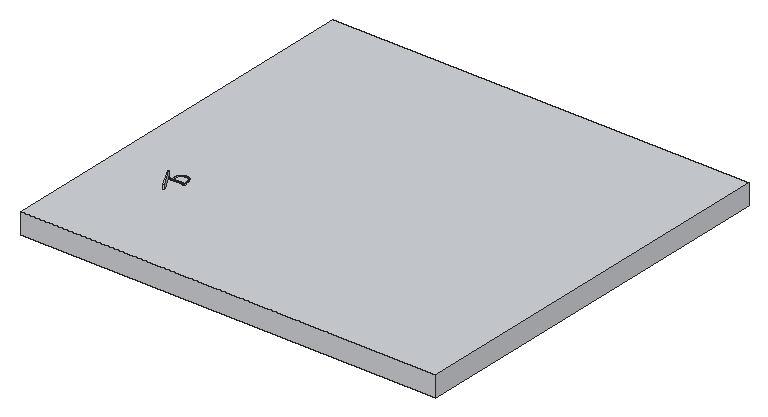
Revit family "PipeCronstein", category Обобщенные модели, Revit 2019
Family settings
  Основа = Грань
  Может служить основой для арматурных стержней = Нет
  Размер круглого соединителя = Использовать диаметр
  Тип детали = Нормальный
  При загрузке вырезать с полостями = Нет
  Общий = Нет
  Точка расчета площади = Нет
Parameters (values of type "PC1200")
  Default Elevation = 1219.2 mm
  TubingLength = 1200 mm
  MovingFromBase = (TubingLength / 2) - 24 mm  # 576 mm
Types (2, lengths in mm): name | TubingLength | MovingFromBase
  PC1400 | 1400 | 676
  PC1200 | 1200 | 576
Reference planes
  plane 1 "По центру (Вперед/Назад)": y = 0
  plane 2: z = 0
  plane 3 "По центру (Влево/Вправо)": x = 0
  plane 4 "1": z = 24
Forms (mm)
  Extrusion 1, solid
    sketch origin (0, 0, 0) x (1, 0, 0) y (0, 1, 0)
      loop
        line (-3200, 2800) -> (-3200, -2920.03) -> (2893.021, -2920.03) -> (2893.021, 2800) -> (-3200, 2800)
    from 0 to -304.8
  Extrusion 2, solid
    sketch origin (-1.088, 1.088, 0) x (0, -1, 0) y (1, 0, 0)
      loop
        arc (1480.441, -2237.718) -> (1336.854, -2325.718) -> (1188.051, -2404.578) r 2695
        line (1188.051, -2404.578) -> (1195.733, -2420.239)
        arc (1195.733, -2420.239) -> (1345.286, -2340.521) -> (1489.543, -2251.577) r 2700
        line (1489.543, -2251.577) -> (1480.441, -2237.718)
    from 0 to 48
  Extrusion 3, solid
    sketch origin (287.822, -697.621, 0) x (0, -1, 0) y (1, 0, 0)
      loop
        line (586.373, -2577.217) -> (586.373, -2572.217) -> (526.498, -2572.217)
        spline (526.498, -2572.217) -> (503.14, -2569.271) -> (481.374, -2560.632) -> (462.683, -2546.889) -> (448.341, -2528.98) -> (439.325, -2508.124) -> (436.25, -2485.743) -> (439.325, -2463.362) -> (448.341, -2442.506) -> (462.683, -2424.597) -> (481.374, -2410.854) -> (503.14, -2402.216) -> (526.498, -2399.269)
        line (526.498, -2399.269) -> (586.373, -2399.269) -> (586.373, -2394.269) -> (521.498, -2394.269)
        spline (521.498, -2394.269) -> (498.14, -2397.386) -> (476.374, -2406.524) -> (457.683, -2421.061) -> (443.341, -2440.006) -> (434.325, -2462.068) -> (431.25, -2485.743) -> (434.325, -2509.418) -> (443.341, -2531.48) -> (457.683, -2550.425) -> (476.374, -2564.962) -> (498.14, -2574.1) -> (521.498, -2577.217)
        line (521.498, -2577.217) -> (586.373, -2577.217)
    from 22 to 26
  Sweep 4, solid
    path origin (0, 0, 24) x (0, 1, 0) y (1, 0, 0)
      loop
        line (-1283.994, -2090.468) -> (-1283.994, -2361.287)
    profile origin (-2225.878, -1283.994, 24) x (0, -1, 0) y (0, 0, 1)
      loop
        line (0, -2.983) -> (11.959, -2.983) -> (11.959, -1.494) -> (1.959, -1.494) -> (1.959, 8.506) -> (0, 8.506) -> (0, -2.983)
Dimensions and locks
  aligned and locked: Extrusion 1 to plane 2
  aligned and locked: Extrusion 1 to level
